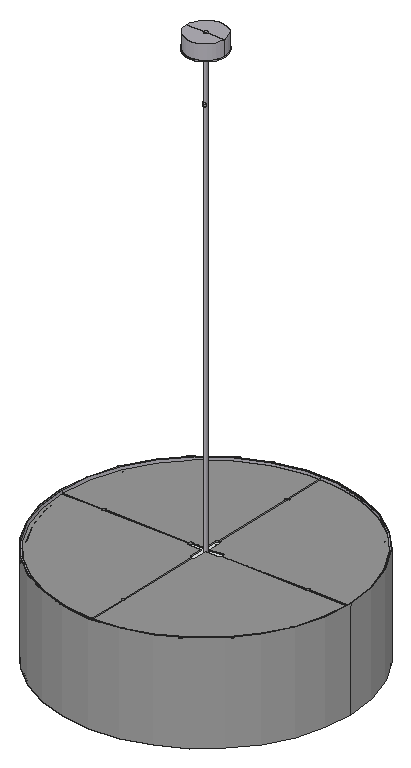
Revit family "Lighting - Lumetta - Pendant - EP54415", category Lighting Fixtures, host Ceiling, Revit 2015
Parameters
  Echo Diffuser Material-Bottom [instance] = EP5441501 Shell - D794 Gold - BTM
  EP54415 URL [instance] = "https://lumetta.com/luminaires/echo-44-pendant-3/"
  Wattage = 57.8378 W
  built-in parameter 1150110 = 1 (stored number, unit not read)
  URL = ""
  Type Comments = "Echo 44'' Pendant"  # constant formula
  built-in parameter 1114217 = 1 (stored number, unit not read)
  Top Lens-Material [instance] = Acrylic - 2447 - White
  Top Lens [instance] = yes
  built-in parameter 1150109 = 1 (stored number, unit not read)
  built-in parameter 1150134 = (empty or 0)
  Suspension [instance] = 2
  built-in parameter 1150113 = 1 (stored number, unit not read)
  Stem Hung-ALL Lamping [instance] = Suspension = 2  # yes
  STD-NON_DIM [instance] = not([3-4-LED])  # yes
  Light Source Symbol Size = 0' - 1"
  Coupling-Stems Over 60 inches [instance] = and([Stem Hung-ALL Lamping], Fixture Drop > 5' 0")  # yes
  Model = "EP54415"  # constant formula
  Manufacturer = "Lumetta, Inc."  # constant formula
  Lumens = 6420 lm
  built-in parameter 1150115 = 1 (stored number, unit not read)
  built-in parameter 1150105 = 510.89 (stored number, unit not read)
  built-in parameter 1150137 = (empty or 0)
  built-in parameter 1150139 = (empty or 0)
  built-in parameter 1150112 = 1 (stored number, unit not read)
  built-in parameter 1150114 = 1 (stored number, unit not read)
  built-in parameter 1150132 = 2
  built-in parameter 1150102 = (empty or 0)
  built-in parameter 1150138 = (empty or 0)
  built-in parameter 1150107 = 3000 (stored number, unit not read)
  built-in parameter 1150106 = 5.1089 (stored number, unit not read)
  Frame Finish [instance] = Paint - Lumetta - F02 - PC_Chrome
  Fixture Drop [instance] = 5' - 10"
  built-in parameter 1150104 = 10.312 (stored number, unit not read)
  Dimming Lamp Color Temperature Shift = (empty or 0)
  Echo Diffuser Material-Side [instance] = EP5441501 Shell - D794 Gold - Side
  Description = ""
  Cord [instance] = Suspension = 1  # no
  3-4-LED [instance] = and([3 or 4 Wire Dimming OR LED], Suspension = 1)  # no
  3 or 4 Wire Dimming OR LED [instance] = yes
  4 Cables [instance] = Suspension = 1  # no
  1CRD-4CBL-ALL Lamping [instance] = Suspension = 1  # no
  Cord Color [instance] = Cord, Black
  Color Filter = 16777215
  built-in parameter 1114218 = 1 (stored number, unit not read)
  built-in parameter 1150133 = 10 (stored number, unit not read)
Reference planes (in)
  plane 1 "Light Source Axis (F/B)": y = 0
  plane 2 "Ceiling": z = 96
  plane 3 "Light Source Axis (L/R)": x = 0
  plane 4 "Light Source Elevation": z = 23.5
  plane 5 "Fixture-Top": z = 26
  plane 6 "Fixture-Radius": x = 22
  plane 7 "Fixture-Height": z = 11
  plane 8: y = 0
Forms (in)
  Revolve 1, solid, material "Paint - Lumetta - F02 - PC_Chrome" <- "Frame Finish", visible <- "1CRD-4CBL-ALL Lamping"
    sketch origin (0, 0, 0) x (1, 0, 0) y (0, 0, 1)
      loop
        line (0, 96) -> (0, 95.4375) -> (3, 95.4375) -> (3, 95.5) -> (2.87509, 95.5) -> (2.87509, 96) -> (0, 96)
      axis (0, 96) -> (0, 95.4375)
    angle from 0 to 360
  Extrusion 2, void
    sketch origin (0, 0, 95.4375) x (0, -1, 0) y (1, 0, 0)
      loop
        circle (0, 0) r 0.25
      loop
        circle (0, 2.5) r 0.06274
      loop
        circle (-2.5, 0) r 0.06274
      loop
        circle (0, -2.5) r 0.06274
      loop
        circle (2.5, 0) r 0.06274
    from 0 to 0.06358
  Revolve 3, solid, material "Paint - Lumetta - F02 - PC_Chrome" <- "Frame Finish"
    sketch origin (0, 0, 0) x (1, 0, 0) y (0, 0, 1)
      loop
        line (22, 26) -> (21.875, 26) -> (21.875, 25.5) -> (21.375, 25.5) -> (21.375, 25.375) -> (22, 25.375) -> (22, 26)
      axis (0, 26) -> (0, 25.375)
    angle from 0 to 360
  Revolve 4, solid, material "EP5441501 Shell - D794 Gold - Side" <- "Echo Diffuser Material-Side"
    sketch origin (0, 0, 0) x (1, 0, 0) y (0, 0, 1)
      loop
        line (22, 26) -> (22, 11) -> (22.06242, 11) -> (22.06242, 26) -> (22, 26)
      axis (0, 26) -> (0, 11)
    angle from 0 to 360
  Extrusion 5, solid, material "Paint - Lumetta - F02 - PC_Chrome" <- "Frame Finish", visible <- "Stem Hung-ALL Lamping"
    sketch origin (0, 0, 26) x (0, -1, 0) y (-1, 0, 0)
      loop
        circle (0, 0) r 0.25
    from 0.7592 to -70
  Revolve 6, solid, material "Paint - Lumetta - F02 - PC_Chrome" <- "Frame Finish", visible <- "Coupling-Stems Over 60 inches"
    sketch origin (0, 0, 0) x (1, 0, 0) y (0, 0, 1)
      loop
        line (0, 86.53023) -> (0, 86) -> (0.26233, 86)
        arc (0.26233, 86) -> (0.31307, 86.05074) -> (0.26233, 86.10149) r 0.05074
        arc (0.26233, 86.10149) -> (0.29304, 86.26499) -> (0.26243, 86.42851) r 0.45126
        arc (0.26243, 86.42851) -> (0.31329, 86.47937) -> (0.26243, 86.53023) r 0.05086
        line (0.26243, 86.53023) -> (0, 86.53023)
      axis (0, 86.53023) -> (0, 86)
    angle from 0 to 360
  Revolve 7, solid, material "Paint - Lumetta - F02 - PC_Chrome" <- "Frame Finish", visible <- "Stem Hung-ALL Lamping"
    sketch origin (0, 0, 0) x (1, 0, 0) y (0, 0, 1)
      loop
        line (0, 96) -> (0, 93.40625) -> (0.34988, 93.40625)
        arc (0.34988, 93.40625) -> (0.49124, 93.54417) -> (0.58115, 93.72) r 0.61026
        line (0.58115, 93.72) -> (3, 93.72) -> (3, 93.78) -> (2.875, 93.78) -> (2.875, 96) -> (0, 96)
      axis (0, 96) -> (0, 93.40625)
    angle from 0 to 360
  Extrusion 8, solid, material "Cord, Black" <- "Cord Color", visible <- "1CRD-4CBL-ALL Lamping"
    sketch origin (0, 0, 26) x (0, -1, 0) y (1, 0, 0)
      loop
        circle (0, 0) r 0.15674
    from -0.7592 to 70
  Sweep 9, solid, visible <- "1CRD-4CBL-ALL Lamping"
    path origin (0, 0, 0) x (1, 0, 0) y (0, 0, 1)
      loop
        line (2.5, 95.50108) -> (15.5, 25.2408)
    profile origin (9, 0, 60.37094) x (0.98331, 0, 0.181938) y (0, -1, 0)
      loop
        circle (0, 0) r 0.03083
  Revolve 10, solid, material "Paint - Lumetta - F02 - PC_Chrome" <- "Frame Finish", visible <- "STD-NON_DIM"
    sketch origin (0, 0, 0) x (1, 0, 0) y (0, 0, 1)
      loop
        line (0, 95.4375) -> (0, 94.87435) -> (0.28215, 94.87435) -> (0.37481, 95.4375) -> (0, 95.4375)
      axis (0, 95.4375) -> (0, 94.87435)
    angle from 0 to 360
  Revolve 11, solid, material "Paint - Lumetta - F02 - PC_Chrome" <- "Frame Finish", visible <- "3-4-LED"
    sketch origin (0, 0, 0) x (1, 0, 0) y (0, 0, 1)
      loop
        line (0, 95.4375) -> (0, 95.3765) -> (0.37481, 95.3765) -> (0.37481, 95.4375) -> (0, 95.4375)
      axis (0, 95.4375) -> (0, 95.3765)
    angle from 0 to 360
  Extrusion 12, solid, material "EP5441501 Shell - D794 Gold - Side" <- "Echo Diffuser Material-Side"
    sketch origin (0, 0, 11) x (0, -1, 0) y (1, 0, 0)
      loop
        circle (0, 0) r 22
    from 0 to 0.125
  Extrusion 13, solid, material "Paint - Lumetta - F02 - PC_Chrome" <- "Frame Finish"
    sketch origin (0, 0, 26) x (0, -1, 0) y (1, 0, 0)
      loop
        arc (-1, 19.75) -> (-0.92678, 19.57322) -> (-0.75, 19.5) r 0.25
        line (-0.75, 19.5) -> (0.75, 19.5)
        arc (0.75, 19.5) -> (0.92678, 19.57322) -> (1, 19.75) r 0.25
        line (1, 19.75) -> (1, 21.90625) -> (-1, 21.90625) -> (-1, 19.75)
      loop
        circle (0, 19.75) r 0.11004
      loop
        arc (-19.75, -1) -> (-19.57322, -0.92678) -> (-19.5, -0.75) r 0.25
        line (-19.5, -0.75) -> (-19.5, 0.75)
        arc (-19.5, 0.75) -> (-19.57322, 0.92678) -> (-19.75, 1) r 0.25
        line (-19.75, 1) -> (-21.90625, 1) -> (-21.90625, -1) -> (-19.75, -1)
      loop
        circle (-19.75, 0) r 0.11004
      loop
        arc (1, -19.75) -> (0.92678, -19.57322) -> (0.75, -19.5) r 0.25
        line (0.75, -19.5) -> (-0.75, -19.5)
        arc (-0.75, -19.5) -> (-0.92678, -19.57322) -> (-1, -19.75) r 0.25
        line (-1, -19.75) -> (-1, -21.90625) -> (1, -21.90625) -> (1, -19.75)
      loop
        circle (0, -19.75) r 0.11004
      loop
        arc (19.75, 1) -> (19.57322, 0.92678) -> (19.5, 0.75) r 0.25
        line (19.5, 0.75) -> (19.5, -0.75)
        arc (19.5, -0.75) -> (19.57322, -0.92678) -> (19.75, -1) r 0.25
        line (19.75, -1) -> (21.90625, -1) -> (21.90625, 1) -> (19.75, 1)
      loop
        circle (19.75, 0.03562) r 0.11004
    from -0.7592 to -0.625
  Extrusion 14, solid, material "Paint - Lumetta - F11 - PC_White"
    sketch origin (0, 0, 26) x (0, -1, 0) y (1, 0, 0)
      loop
        circle (0, 0) r 0.25
      loop
        circle (-2.25, 0) r 0.25
      loop
        circle (2.25, 0) r 0.25
      loop
        line (-0.83, 0.83) -> (-20.875, 0.83)
        arc (-20.875, 0.83) -> (-21.05178, 0.75678) -> (-21.125, 0.58) r 0.25
        line (-21.125, 0.58) -> (-21.125, -0.58)
        arc (-21.125, -0.58) -> (-21.05178, -0.75678) -> (-20.875, -0.83) r 0.25
        line (-20.875, -0.83) -> (-0.83, -0.83) -> (-0.83, -20.875)
        arc (-0.83, -20.875) -> (-0.75678, -21.05178) -> (-0.58, -21.125) r 0.25
        line (-0.58, -21.125) -> (0.58, -21.125)
        arc (0.58, -21.125) -> (0.75678, -21.05178) -> (0.83, -20.875) r 0.25
        line (0.83, -20.875) -> (0.83, -0.83) -> (20.875, -0.83)
        arc (20.875, -0.83) -> (21.05178, -0.75678) -> (21.125, -0.58) r 0.25
        line (21.125, -0.58) -> (21.125, 0.58)
        arc (21.125, 0.58) -> (21.05178, 0.75678) -> (20.875, 0.83) r 0.25
        line (20.875, 0.83) -> (0.83, 0.83) -> (0.83, 20.875)
        arc (0.83, 20.875) -> (0.75678, 21.05178) -> (0.58, 21.125) r 0.25
        line (0.58, 21.125) -> (-0.58, 21.125)
        arc (-0.58, 21.125) -> (-0.75678, 21.05178) -> (-0.83, 20.875) r 0.25
        line (-0.83, 20.875) -> (-0.83, 0.83)
      loop
        circle (0, 15.5) r 0.14063
      loop
        circle (-15.5, 0) r 0.14063
      loop
        circle (0, -15.5) r 0.14063
      loop
        circle (15.5, 0) r 0.14063
    from -0.82463 to -0.7592
  Sweep 15, solid, visible <- "1CRD-4CBL-ALL Lamping"
    path origin (0, 0, 0) x (0, 1, 0) y (0, 0, 1)
      loop
        line (2.5, 95.50108) -> (15.5, 25.2408)
    profile origin (0, 9, 60.37094) x (0, 0.98331, 0.181938) y (1, 0, 0)
      loop
        circle (0, 0) r 0.03083
  Sweep 16, solid, visible <- "1CRD-4CBL-ALL Lamping"
    path origin (0, 0, 0) x (-1, 0, 0) y (0, 0, 1)
      loop
        line (2.5, 95.50108) -> (15.5, 25.2408)
    profile origin (-9, 0, 60.37094) x (-0.98331, 0, 0.181938) y (0, 1, 0)
      loop
        circle (0, 0) r 0.03083
  Sweep 17, solid, visible <- "1CRD-4CBL-ALL Lamping"
    path origin (0, 0, 0) x (0, -1, 0) y (0, 0, 1)
      loop
        line (2.5, 95.50108) -> (15.5, 25.2408)
    profile origin (0, -9, 60.37094) x (0, -0.98331, 0.181938) y (-1, 0, 0)
      loop
        circle (0, 0) r 0.03083
  Extrusion 18, solid, material "Acrylic - 2447 - White" <- "Top Lens-Material", visible <- "Top Lens"
    sketch origin (0, 0, 26) x (0, -1, 0) y (1, 0, 0)
      loop
        line (-21.84366, 0.0625) -> (-15.74206, 0.0625)
        arc (-15.74206, 0.0625) -> (-15.5, 0.25) -> (-15.25794, 0.0625) r 0.25
        line (-15.25794, 0.0625) -> (-2.63559, 0.0625)
        arc (-2.63559, 0.0625) -> (-2.50315, 0.29749) -> (-2.25, 0.39062) r 0.39063
        line (-2.25, 0.39062) -> (-0.39062, 0.39062) -> (-0.39063, 2.25)
        arc (-0.39063, 2.25) -> (-0.29749, 2.50315) -> (-0.0625, 2.63559) r 0.39063
        line (-0.0625, 2.63559) -> (-0.0625, 15.25794)
        arc (-0.0625, 15.25794) -> (-0.25, 15.5) -> (-0.0625, 15.74206) r 0.25
        line (-0.0625, 15.74206) -> (-0.0625, 21.84366)
        arc (-0.0625, 21.84366) -> (-15.44586, 15.44586) -> (-21.84366, 0.0625) r 21.84375
      loop
        line (-0.0625, -21.84366) -> (-0.0625, -15.74206)
        arc (-0.0625, -15.74206) -> (-0.25, -15.5) -> (-0.0625, -15.25794) r 0.25
        line (-0.0625, -15.25794) -> (-0.0625, -2.63559)
        arc (-0.0625, -2.63559) -> (-0.29749, -2.50315) -> (-0.39062, -2.25) r 0.39063
        line (-0.39062, -2.25) -> (-0.39062, -0.39062) -> (-2.25, -0.39063)
        arc (-2.25, -0.39063) -> (-2.50315, -0.29749) -> (-2.63559, -0.0625) r 0.39063
        line (-2.63559, -0.0625) -> (-15.25794, -0.0625)
        arc (-15.25794, -0.0625) -> (-15.5, -0.25) -> (-15.74206, -0.0625) r 0.25
        line (-15.74206, -0.0625) -> (-21.84366, -0.0625)
        arc (-21.84366, -0.0625) -> (-15.44586, -15.44586) -> (-0.0625, -21.84366) r 21.84375
      loop
        line (21.84366, -0.0625) -> (15.74206, -0.0625)
        arc (15.74206, -0.0625) -> (15.5, -0.25) -> (15.25794, -0.0625) r 0.25
        line (15.25794, -0.0625) -> (2.63559, -0.0625)
        arc (2.63559, -0.0625) -> (2.50315, -0.29749) -> (2.25, -0.39062) r 0.39063
        line (2.25, -0.39062) -> (0.39062, -0.39062) -> (0.39062, -2.25)
        arc (0.39062, -2.25) -> (0.29749, -2.50315) -> (0.0625, -2.63559) r 0.39063
        line (0.0625, -2.63559) -> (0.0625, -15.25794)
        arc (0.0625, -15.25794) -> (0.25, -15.5) -> (0.0625, -15.74206) r 0.25
        line (0.0625, -15.74206) -> (0.0625, -21.84366)
        arc (0.0625, -21.84366) -> (15.44586, -15.44586) -> (21.84366, -0.0625) r 21.84375
      loop
        line (0.0625, 21.84366) -> (0.0625, 15.74206)
        arc (0.0625, 15.74206) -> (0.25, 15.5) -> (0.0625, 15.25794) r 0.25
        line (0.0625, 15.25794) -> (0.0625, 2.63559)
        arc (0.0625, 2.63559) -> (0.29749, 2.50315) -> (0.39062, 2.25) r 0.39063
        line (0.39062, 2.25) -> (0.39062, 0.39063) -> (2.25, 0.39062)
        arc (2.25, 0.39062) -> (2.50315, 0.29749) -> (2.63559, 0.0625) r 0.39063
        line (2.63559, 0.0625) -> (15.25794, 0.0625)
        arc (15.25794, 0.0625) -> (15.5, 0.25) -> (15.74206, 0.0625) r 0.25
        line (15.74206, 0.0625) -> (21.84366, 0.0625)
        arc (21.84366, 0.0625) -> (15.44586, 15.44586) -> (0.0625, 21.84366) r 21.84375
    from -0.5 to -0.36053
Dimensions and locks (in)
  equal spacing: host sketch curve, plane 3 "Light Source Axis (L/R)", host sketch curve
  equal spacing: host sketch curve, plane 1 "Light Source Axis (F/B)", host sketch curve
  host sketch curve to host sketch curve = 10' - 0"  (x2)
  "Fixture Drop": plane 2 "Ceiling" to plane 5 "Fixture-Top"
  locked: plane 5 "Fixture-Top" to plane 4 "Light Source Elevation" at 2.5
  locked: plane 6 "Fixture-Radius" to plane 3 "Light Source Axis (L/R)" at 22
  locked: plane 5 "Fixture-Top" to plane 7 "Fixture-Height" at 15
  locked: Extrusion 2 sketch curve to Extrusion 2 sketch curve at 2.5
  locked: plane 6 "Fixture-Radius" to Revolve 3 sketch curve at 0.125
  locked: Revolve 4 sketch curve to plane 6 "Fixture-Radius" at 0.06242
  locked: Extrusion 5 sketch curve to imposter light
  locked: Extrusion 5 sketch curve to imposter light at 0
  Revolve 6 sketch curve to Revolve 6 sketch curve = 0' - 0.15822"
  locked: Revolve 6 sketch curve to Revolve 4 at 60
  locked: Revolve 6 sketch curve to Revolve 6 sketch curve at 0.53023
  locked: Revolve 6 sketch curve to Revolve 6 sketch curve at 0.26243
  locked: Revolve 6 sketch curve to Revolve 6 sketch curve at 0.26233
  locked: Revolve 6 sketch curve to Revolve 6 sketch curve at 0.05074
  locked: Revolve 6 sketch curve to Revolve 6 sketch curve at 0.47937
  locked: Revolve 6 sketch curve to Revolve 6 sketch curve at 0.26512
  locked: Revolve 7 sketch curve to Revolve 7 sketch curve at 2.875
  locked: Revolve 7 sketch curve to Revolve 7 sketch curve at 0.31375
  locked: plane 6 "Fixture-Radius" to Revolve 3 sketch curve at 0.625
  locked: Revolve 1 sketch curve to Revolve 1 sketch curve at 0.0625
  locked: host ceiling to Revolve 1 sketch curve at 0.5625
  locked: Revolve 1 sketch curve to Revolve 1 sketch curve at 0.5625
  Revolve 1 sketch curve to Revolve 1 sketch curve = 0' - 2.87509"
  locked: Revolve 1 sketch curve to Revolve 1 sketch curve at 3
  locked: Revolve 1 sketch curve to Revolve 1 sketch curve at 2.87509
  locked: Revolve 10 sketch curve to Revolve 10 sketch curve at 0.37481
  locked: Revolve 10 sketch curve to Revolve 10 sketch curve at 0.28215
  locked: Revolve 1 to Revolve 10 sketch curve at 0.56315
  locked: Revolve 1 to Revolve 11 sketch curve at 0.061
  locked: plane 3 "Light Source Axis (L/R)" to Revolve 11 sketch curve at 0.37481
  locked: plane 5 "Fixture-Top" to Revolve 3 sketch curve at 0.625
  locked: Revolve 3 sketch curve to plane 6 "Fixture-Radius" at 0
  plane 6 "Fixture-Radius" to Revolve 3 sketch curve = 0' - 0 1/8"
  locked: Extrusion 2 sketch curve to plane 3 "Light Source Axis (L/R)" at 2.5
  locked: plane 8 to Extrusion 2 sketch curve at 2.5
  locked: Extrusion 2 sketch curve to plane 8 at 2.5
  locked: Extrusion 12 sketch curve to plane 6 "Fixture-Radius" at 22
  locked: Revolve 4 to plane 7 "Fixture-Height" at 0
  locked: Extrusion 12 to plane 7 "Fixture-Height" at 0.125
  locked: Extrusion 13 sketch curve to plane 6 "Fixture-Radius" at 0.09375
  locked: Extrusion 13 sketch curve to Extrusion 13 sketch curve at 2.40625  (x4)
  locked: plane 8 to Extrusion 13 sketch curve at 1
  locked: Extrusion 13 sketch curve to Extrusion 13 sketch curve at 2  (x4)
  Extrusion 13 sketch curve to Extrusion 13 sketch curve = 0' - 0 1/4"
  locked: Extrusion 13 sketch curve to plane 8 at 0
  locked: Revolve 3 to Extrusion 13 at 0.1342
  locked: Extrusion 14 sketch curve to plane 8 at 2.25
  locked: plane 8 to Extrusion 14 sketch curve at 2.25
  locked: Extrusion 14 sketch curve to plane 3 "Light Source Axis (L/R)" at 0  (x2)
  locked: plane 8 to Extrusion 14 sketch curve at 0.83  (x2)
  locked: Extrusion 14 sketch curve to Extrusion 14 sketch curve at 1.66  (x4)
  locked: plane 3 "Light Source Axis (L/R)" to Extrusion 14 sketch curve at 0.83
  locked: Extrusion 14 sketch curve to plane 3 "Light Source Axis (L/R)" at 0.83
  locked: plane 3 "Light Source Axis (L/R)" to Extrusion 14 sketch curve at 21.125
  locked: Extrusion 14 sketch curve to plane 3 "Light Source Axis (L/R)" at 21.125
  locked: plane 8 to Extrusion 14 sketch curve at 21.125  (x2)
  locked: Extrusion 14 sketch curve to plane 8 at 0
  locked: plane 3 "Light Source Axis (L/R)" to Extrusion 14 sketch curve at 15.5
  locked: Extrusion 13 to Extrusion 14 at 0.06543
  locked: Extrusion 18 sketch curve to plane 3 "Light Source Axis (L/R)" at 0
  locked: Extrusion 18 sketch curve to plane 8 at 0
  locked: Extrusion 18 sketch curve to plane 8 at 2.25
  locked: plane 3 "Light Source Axis (L/R)" to Extrusion 18 sketch curve at 2.25
  locked: plane 3 "Light Source Axis (L/R)" to Extrusion 18 sketch curve at 0.0625
  locked: plane 8 to Extrusion 18 sketch curve at 0.0625
  locked: plane 3 "Light Source Axis (L/R)" to Extrusion 18 sketch curve at 15.5
  locked: Extrusion 18 sketch curve to plane 8 at 15.5
  locked: Extrusion 18 to Extrusion 18 at 0.13947
  locked: Extrusion 12 sketch curve to Extrusion 12 sketch curve (radius 1' - 10")
  locked: Extrusion 18 sketch curve to Extrusion 18 sketch curve (radius 1' - 9 27/32")
  aligned and locked: plane 3 "Light Source Axis (L/R)" to imposter light
  aligned and locked: plane 1 "Light Source Axis (F/B)" to imposter light
  aligned and locked: plane 4 "Light Source Elevation" to imposter light
  aligned and locked: Revolve 4 sketch curve to plane 3 "Light Source Axis (L/R)"
  aligned and locked: Revolve 6 sketch curve to Revolve 6 sketch curve  (x2)
  aligned and locked: host ceiling to Extrusion 5
  aligned and locked: host ceiling to Extrusion 8
  aligned and locked: Revolve 3 to Extrusion 13
  aligned and locked: Extrusion 14 to Extrusion 13
  aligned and locked: Extrusion 14 to Sweep 9 sketch curve
  aligned and locked: Extrusion 5 to Extrusion 14
  aligned and locked: Extrusion 8 to Extrusion 14
  aligned and locked: Extrusion 18 to Revolve 3
Automatic sketch dimensions
  Revolve 4 sketch curve to plane 6 "Fixture-Radius" = 0' - 0"
  Revolve 4 sketch curve to plane 7 "Fixture-Height" = 0' - 0"
  Revolve 4 sketch curve to plane 5 "Fixture-Top" = 0' - 0"
  plane 7 "Fixture-Height" to Revolve 4 sketch curve = 0' - 1 1/4"
  Revolve 4 sketch curve to plane 5 "Fixture-Top" = 0' - 2 1/4"
  Revolve 6 sketch curve to plane 3 "Light Source Axis (L/R)" = 0' - 0"
  Revolve 6 sketch curve to Revolve 6 sketch curve = 0' - 11.34317"
  Revolve 7 sketch curve to plane 3 "Light Source Axis (L/R)" = 0' - 0"  (x3)
  Revolve 7 sketch curve to plane 2 "Ceiling" = 0' - 0"
  plane 3 "Light Source Axis (L/R)" to Revolve 7 sketch curve = 0' - 0.34988"
  Revolve 7 sketch curve to Revolve 7 sketch curve = 0' - 0.23126"
  Revolve 7 sketch curve to Revolve 7 sketch curve = 0' - 0 1/8"
  Revolve 7 sketch curve to plane 2 "Ceiling" = 0' - 2 3/32"
  Revolve 7 sketch curve to Revolve 7 sketch curve = 0' - 0.06"
  plane 2 "Ceiling" to Revolve 7 sketch curve = 0' - 1 3/4"
  Revolve 7 sketch curve to Revolve 7 sketch curve = 0' - 2 1/2"
  plane 1 "Light Source Axis (F/B)" to Extrusion 8 sketch curve = 0' - 0"
  Extrusion 8 sketch curve to plane 3 "Light Source Axis (L/R)" = 0' - 0"
  Revolve 3 sketch curve to plane 3 "Light Source Axis (L/R)" = 0' - 0"
  Revolve 3 sketch curve to plane 5 "Fixture-Top" = 0' - 0"
  Revolve 3 sketch curve to level = 0' - 10"
  Revolve 3 sketch curve to plane 2 "Ceiling" = 0' - 1"
  Sweep 9 sketch curve to plane 1 "Light Source Axis (F/B)" = 0' - 0"
  Sweep 9 sketch curve to profile plane = 0' - 0"
  Revolve 1 sketch curve to plane 3 "Light Source Axis (L/R)" = 0' - 0"  (x2)
  Revolve 1 sketch curve to plane 5 "Fixture-Top" = 0' - 1 1/4"
  Revolve 1 sketch curve to Revolve 1 sketch curve = 0' - 9 3/4"
  Revolve 10 sketch curve to plane 3 "Light Source Axis (L/R)" = 0' - 0"  (x2)
  Revolve 10 sketch curve to plane 2 "Ceiling" = 0' - 0 9/16"
  Revolve 10 sketch curve to Revolve 10 sketch curve = 0' - 1.18685"
  plane 2 "Ceiling" to Revolve 10 sketch curve = 0' - 6 11/16"
  Revolve 11 sketch curve to plane 3 "Light Source Axis (L/R)" = 0' - 0"  (x2)
  Revolve 11 sketch curve to Revolve 11 sketch curve = 0' - 0.061"
  Revolve 11 sketch curve to Revolve 11 sketch curve = 0' - 0.82606"
  Revolve 11 sketch curve to plane 2 "Ceiling" = 0' - 0 1/4"
  Revolve 3 sketch curve to Revolve 3 sketch curve = 0' - 0 1/8"
  Extrusion 2 sketch curve to Revolve 1 = 0' - 0"  (x3)
  Extrusion 2 sketch curve to Extrusion 2 sketch curve = 0' - 0"  (x2)
  Extrusion 2 sketch curve to Extrusion 2 sketch curve = 0' - 2 1/2"
  plane 1 "Light Source Axis (F/B)" to Extrusion 12 sketch curve = 0' - 0"
  Extrusion 13 sketch curve to plane 3 "Light Source Axis (L/R)" = 0' - 0"
  plane 1 "Light Source Axis (F/B)" to Extrusion 13 sketch curve = 0' - 0"
  plane 3 "Light Source Axis (L/R)" to Extrusion 13 sketch curve = 0' - 0.03562"
  Extrusion 13 sketch curve to plane 1 "Light Source Axis (F/B)" = 0' - 1"
  Extrusion 13 sketch curve to plane 3 "Light Source Axis (L/R)" = 0' - 0 3/4"  (x2)
  Extrusion 13 sketch curve to plane 1 "Light Source Axis (F/B)" = 1' - 7 1/2"
  Extrusion 13 sketch curve to Extrusion 13 sketch curve = 0' - 0 1/4"  (x8)
  Extrusion 13 sketch curve to Extrusion 13 sketch curve = 0' - 0"  (x3)
  plane 1 "Light Source Axis (F/B)" to Extrusion 13 sketch curve = 1' - 7 1/2"
  Extrusion 13 sketch curve to plane 3 "Light Source Axis (L/R)" = 1' - 7 1/2"
  Extrusion 14 sketch curve to plane 3 "Light Source Axis (L/R)" = 0' - 0"  (x3)
  plane 1 "Light Source Axis (F/B)" to Extrusion 14 sketch curve = 0' - 0"  (x2)
  Extrusion 14 sketch curve to Extrusion 14 sketch curve = 0' - 0 1/4"  (x8)
  Extrusion 14 sketch curve to Extrusion 14 sketch curve = 0' - 5 3/8"  (x2)
  Extrusion 14 sketch curve to Extrusion 14 sketch curve = 0' - 5 5/8"
  Sweep 9 sketch curve to plane 2 "Ceiling" = 0' - 0.49892"
  plane 3 "Light Source Axis (L/R)" to Sweep 9 sketch curve = 0' - 2 1/2"
  Sweep 9 sketch curve to plane 6 "Fixture-Radius" = 0' - 6 1/2"
  Sweep 15 sketch curve to plane 2 "Ceiling" = 0' - 0.49892"
  Sweep 15 sketch curve to plane 1 "Light Source Axis (F/B)" = 0' - 2 1/2"
  plane 5 "Fixture-Top" to Sweep 15 sketch curve = 0' - 0.7592"
  Sweep 15 sketch curve to plane 1 "Light Source Axis (F/B)" = 1' - 3 1/2"
  Sweep 15 sketch curve to profile plane = 0' - 0"  (x2)
  Sweep 16 sketch curve to plane 2 "Ceiling" = 0' - 0.49892"
  Sweep 16 sketch curve to plane 3 "Light Source Axis (L/R)" = 0' - 2 1/2"
  plane 5 "Fixture-Top" to Sweep 16 sketch curve = 0' - 0.7592"
  Sweep 16 sketch curve to plane 3 "Light Source Axis (L/R)" = 1' - 3 1/2"
  Sweep 16 sketch curve to profile plane = 0' - 0"
  profile plane to Sweep 16 sketch curve = 0' - 0"
  Sweep 17 sketch curve to plane 2 "Ceiling" = 0' - 0.49892"
  plane 1 "Light Source Axis (F/B)" to Sweep 17 sketch curve = 0' - 2 1/2"
  plane 5 "Fixture-Top" to Sweep 17 sketch curve = 0' - 0.7592"
  plane 1 "Light Source Axis (F/B)" to Sweep 17 sketch curve = 1' - 3 1/2"
  profile plane to Sweep 17 sketch curve = 0' - 0"
  Sweep 17 sketch curve to profile plane = 0' - 0"
  Extrusion 18 sketch curve to Extrusion 18 sketch curve = 0' - 0"  (x36)
  plane 1 "Light Source Axis (F/B)" to Extrusion 18 sketch curve = 0' - 0"  (x4)
  Extrusion 18 sketch curve to plane 3 "Light Source Axis (L/R)" = 0' - 0"  (x4)
  Extrusion 18 sketch curve to Extrusion 18 sketch curve = 0' - 0.24206"  (x5)
  Extrusion 18 sketch curve to plane 3 "Light Source Axis (L/R)" = 0' - 0 1/16"  (x3)
  plane 3 "Light Source Axis (L/R)" to Extrusion 18 sketch curve = 0' - 0 1/16"  (x3)
  Extrusion 18 sketch curve to Extrusion 18 sketch curve = 0' - 0.38559"
  Extrusion 18 sketch curve to plane 1 "Light Source Axis (F/B)" = 0' - 0 25/64"  (x2)
  Extrusion 18 sketch curve to plane 1 "Light Source Axis (F/B)" = 0' - 0 1/16"  (x3)
  plane 1 "Light Source Axis (F/B)" to Extrusion 18 sketch curve = 0' - 0 1/16"  (x4)
  Extrusion 18 sketch curve to Extrusion 18 sketch curve = 0' - 0 25/64"  (x2)
  plane 3 "Light Source Axis (L/R)" to Extrusion 18 sketch curve = 0' - 0 25/64"
  Extrusion 18 sketch curve to Extrusion 18 sketch curve = 0' - 1 55/64"
  Extrusion 18 sketch curve to Extrusion 18 sketch curve = 1' - 0.62235"
  Extrusion 18 sketch curve to Extrusion 18 sketch curve = 0' - 6.1016"  (x2)
  Extrusion 18 sketch curve to Extrusion 18 sketch curve = 0' - 2.24497"
  radius of Extrusion 5 sketch curve = 0' - 0 1/4"
  radius of Extrusion 8 sketch curve = 0' - 0.15674"
  radius of Sweep 9 sketch curve = 0' - 0.03083"
  radius of Extrusion 2 sketch curve = 0' - 0.06274"  (x4)
  radius of Extrusion 2 sketch curve = 0' - 0 1/4"
  radius of Extrusion 13 sketch curve = 0' - 0.11004"  (x4)
  radius of Extrusion 14 sketch curve = 0' - 0 1/4"  (x3)
  radius of Extrusion 14 sketch curve = 0' - 0 9/64"  (x4)
  radius of Sweep 15 sketch curve = 0' - 0.03083"
  radius of Sweep 16 sketch curve = 0' - 0.03083"
  radius of Sweep 17 sketch curve = 0' - 0.03083"
